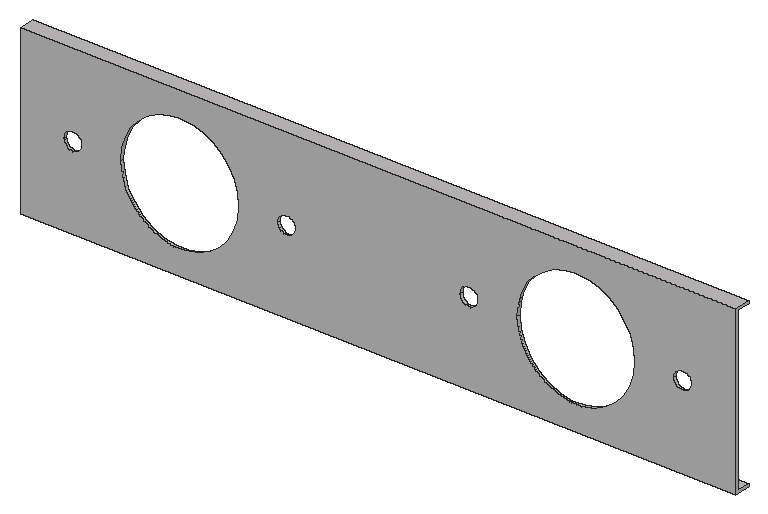
Revit family "Supply_System-Accessories-Golan_Plastic_Products-Plate-00", category Generic Models, Revit 2016
Family settings
  Part Type = Normal
  Can host rebar = No
  Round Connector Dimension = Use Diameter
  Work Plane-Based = Yes
  Always vertical = Yes
  Cut with Voids When Loaded = No
  Shared = Yes
  Room Calculation Point = No
Parameters (values of type "Double")
  URL = "https://golanplastic.com/%D7%A4%D7%A7%D7%A1%D7%92%D7%95%D7%9C-%D7%A4%D7%95%D7%A9%D7%A4%D7%99%D7%98/"
  Single = no
  Double = not(Single)  # yes
  Default Elevation = 0.000 mm
  Manufacturer = "Golan Plastic Product Ltd."  # constant formula
  Price [instance] = if(Single, 3.6, if(Double, 7.2, 0))  # 7.2
  Part Number [instance] = if(Single, "94201111", if(Double, "94201112", "Not present in our catalog"))  # "94201112"
  IsCustom [instance] = no
  Dimension = if(Single, "137.5mm", if(Double, "275mm", "0"))  # "275mm"
Types (2, lengths in mm): name | Single | Double | Price | Part Number | Dimension
  Single | yes | no | 3.6 | "94201111" | "137.5mm"
  Double | no | yes | 7.2 | "94201112" | "275mm"
Reference planes
  plane 1 "Centro (Fronte/Retro)": y = 0
  plane 2: z = 0
  plane 3 "Centro (Sinistra/Destra)": x = 0
Forms (mm)
  Sweep 1, solid, material "Steel", visible <- "Double"
    path origin (0, -1, 0) x (1, 0, 0) y (0, 1, 0)
      loop
        line (-137.5, 0) -> (137.5, 0)
    profile origin (0, -1, 0) x (0, 1, 0) y (0, 0, 1)
      loop
        line (0, -32) -> (6, -32) -> (6, -31) -> (1, -31) -> (1, 31) -> (6, 31) -> (6, 32) -> (0, 32) -> (0, -32)
  Extrusion 2, void
    sketch origin (0, 0, 0) x (1, 0, 0) y (0, 0, 1)
      loop
        circle (-76.125, 0) r 22.625
      loop
        circle (76.125, 0) r 22.625
      loop
        circle (-35.05, 0) r 3.45
      loop
        circle (-117.2, 0) r 3.45
      loop
        circle (117.2, 0) r 3.45
      loop
        circle (35.05, 0) r 3.45
    from 6 to 0
  Sweep 3, solid, material "Steel", visible <- "Single"
    path origin (0, -1, 0) x (1, 0, 0) y (0, 1, 0)
      loop
        line (0, 0) -> (137.5, 0)
    profile origin (68.75, -1, 0) x (0, 1, 0) y (0, 0, 1)
      loop
        line (0, -32) -> (6, -32) -> (6, -31) -> (1, -31) -> (1, 31) -> (6, 31) -> (6, 32) -> (0, 32) -> (0, -32)
  Extrusion 4, void
    sketch origin (0, 0, 0) x (1, 0, 0) y (0, 0, 1)
      loop
        circle (76.125, 0) r 22.625
      loop
        circle (117.2, 0) r 3.45
      loop
        circle (35.05, 0) r 3.45
    from 6 to 0
Cuts and joins
  Extrusion 2, Extrusion 4 cuts Sweep 1
  Extrusion 4 cuts Sweep 3
Dimensions and locks
  aligned and locked: level to plane 2
